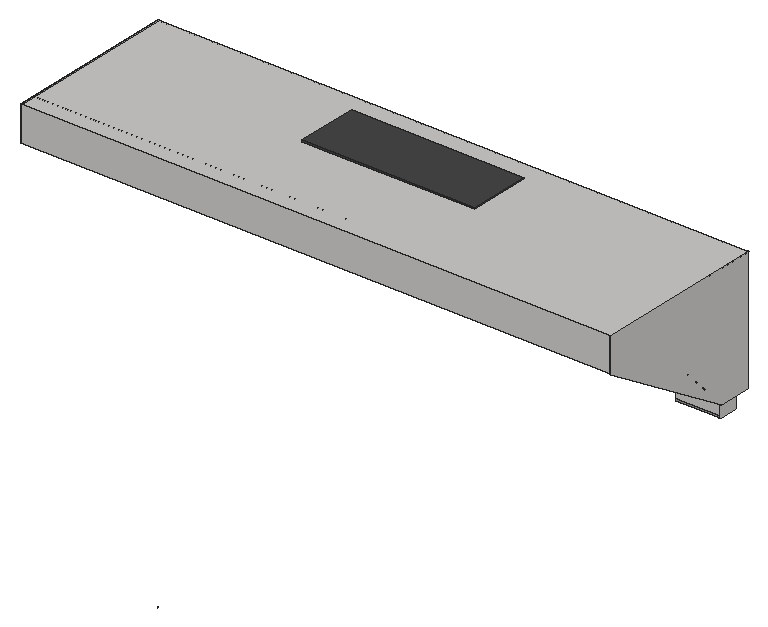
Revit family "QF_ELECTROLUXPROFESSIONAL_642273_MP724BT", category Specialty Equipment, Revit 2014
Reference planes
  plane 1: z = 0
  plane 2 "Center (Left/Right)": x = 150
  plane 3 "LEFT": x = -1050
  plane 4 "RIGHT": x = 1350
  plane 5 "BACK": y = 550
  plane 6 "Plane": z = 2000
  plane 7 "TOP": z = 2140
  plane 8 "Base": z = 1640
  plane 9: z = 1566
  plane 10 "DrainY": y = 485
  plane 11: x = -1047
  plane 12: through (0, 414.509, 1640.8) normal (0, 0.7314, 0.682)
  plane 13: y = 470
  plane 14: y = 220
  plane 15 "DrainX": x = 1230
  plane 16: x = 500
  plane 17: x = -200
  plane 18: x = 1347
  plane 19: x = 1140
  plane 20: x = 1320
  plane 21: x = -1010
  plane 22: x = -645
  plane 23: x = -450
  plane 24: x = 1310
  plane 25: x = 945
  plane 26: x = 750
  plane 27: x = -47.5
  plane 28: x = 347.5
  plane 29 "Center (Front/Back)": y = 200
  plane 30 "Front": y = -150
Forms (mm)
  Extrusion 1, solid, material "QF_Finishes_Stainless Steel"
    sketch origin (-1050, 0, 0) x (0, 1, 0) y (0, 0, 1)
      loop
        line (550, 1640) -> (550, 2140) -> (-150, 2140) -> (-150, 1999.112) -> (413.973, 1640) -> (550, 1640)
    from 0 to 3
  Extrusion 2, solid, material "QF_Finishes_Stainless Steel"
    sketch origin (150, 0, 0) x (0, 1, 0) y (0, 0, 1)
      loop
        line (415.255, 1640) -> (550, 1640) -> (550, 2139.19) -> (549.2, 2139.19) -> (549.2, 1640.8) -> (415.876, 1640.8) -> (339.347, 1722.867) -> (349.609, 1732.436) -> (348.927, 1733.167) -> (337.934, 1722.917) -> (415.255, 1640)
      loop
        line (-82.203, 2139.19) -> (-82.203, 2118.6) -> (-31.047, 2118.6) -> (34.354, 2048.466) -> (46.028, 2059.352) -> (45.346, 2060.083) -> (34.403, 2049.879) -> (-30.612, 2119.6) -> (-81.203, 2119.6) -> (-81.203, 2139.19) -> (-82.203, 2139.19)
    from -1197 to 1197
  Extrusion 3, solid, material "QF_Finishes_Stainless Steel"
    sketch origin (1350, 0, 0) x (0, 1, 0) y (0, 0, 1)
      loop
        line (550, 1640) -> (550, 2140) -> (-150, 2140) -> (-150, 1999.112) -> (413.973, 1640) -> (550, 1640)
    from 0 to -3
  Extrusion 4, solid, material "QF_Finishes_Stainless Steel"
    sketch origin (150, 0, 0) x (0, 1, 0) y (0, 0, 1)
      loop
        line (-150, 2140) -> (-150, 2000) -> (-149.2, 2000) -> (-149.2, 2139.19) -> (550, 2139.19) -> (550, 2140) -> (-150, 2140)
    from -1200 to 1200
  Extrusion 5, solid, material "QF_Finishes_Stainless Steel"
    sketch origin (150, 0, 0) x (0, 1, 0) y (0, 0, 1)
      loop
        line (534, 1640) -> (436, 1640) -> (436, 1627) -> (443.5, 1627) -> (443.5, 1576)
        arc (443.5, 1576) -> (446.429, 1568.929) -> (453.5, 1566) r 10
        line (453.5, 1566) -> (516.5, 1566)
        arc (516.5, 1566) -> (523.571, 1568.929) -> (526.5, 1576) r 10
        line (526.5, 1576) -> (526.5, 1627) -> (534, 1627) -> (534, 1640)
    from 990 to 1170
  Extrusion 6, solid, material "QF_Finishes_Stainless Steel"
    sketch origin (0, 0, 1640) x (0, 1, 0) y (-1, 0, 0)
      loop
        circle (485, -1230) r 20
    from -76 to -74
  Extrusion 7, solid, material "QF_Finished_Chrome"
    sketch origin (150, 0, 0) x (0, 1, 0) y (0, 0, 1)
      loop
        line (337.934, 1722.917) -> (341.591, 1726.327) -> (38.011, 2051.876) -> (34.354, 2048.466) -> (337.934, 1722.917)
    from -795 to -1160
  Extrusion 8, solid, material "QF_Finished_Chrome"
    sketch origin (150, 0, 0) x (0, 1, 0) y (0, 0, 1)
      loop
        line (337.934, 1722.917) -> (341.591, 1726.327) -> (38.011, 2051.876) -> (34.354, 2048.466) -> (337.934, 1722.917)
    from -197.5 to -600
  Extrusion 9, solid, material "QF_Finishes_Stainless Steel"
    sketch origin (150, 0, 0) x (0, 1, 0) y (0, 0, 1)
      loop
        line (337.934, 1722.917) -> (341.591, 1726.327) -> (38.011, 2051.876) -> (34.354, 2048.466) -> (337.934, 1722.917)
    from 1197 to 1160
  Extrusion 10, solid, material "QF_Finishes_Stainless Steel"
    sketch origin (150, 0, 0) x (0, 1, 0) y (0, 0, 1)
      loop
        line (341.588, 1726.324) -> (38.009, 2051.874) -> (34.354, 2048.466) -> (337.934, 1722.917) -> (341.588, 1726.324)
    from -795 to -600
  Extrusion 11, solid, material "QF_Finished_Chrome"
    sketch origin (150, 0, 0) x (0, 1, 0) y (0, 0, 1)
      loop
        line (341.588, 1726.324) -> (38.009, 2051.874) -> (34.354, 2048.466) -> (337.934, 1722.917) -> (341.588, 1726.324)
    from 795 to 1160
  Extrusion 12, solid, material "QF_Finishes_Black"
    sketch origin (0, 0, 2140) x (0, 1, 0) y (-1, 0, 0)
      loop
        line (470, 200) -> (220, 200) -> (220, -500) -> (470, -500) -> (470, 200)
    from 5 to 0
  Extrusion 13, solid, material "QF_Finishes_Stainless Steel"
    sketch origin (0, 0, 0) x (1, 0, 0) y (0, 1, 0)
      loop
        line (-1050, 550) -> (-1050, 549) -> (-1049, 549) -> (-1049, 550) -> (-1050, 550)
    from 0 to 1
  Extrusion 14, solid, material "QF_Finishes_Stainless Steel"
    sketch origin (150, 0, 0) x (0, 1, 0) y (0, 0, 1)
      loop
        line (337.934, 1722.917) -> (341.591, 1726.327) -> (38.011, 2051.876) -> (34.354, 2048.466) -> (337.934, 1722.917)
    from -1160 to -1197
  Extrusion 15, solid, material "QF_Finishes_Stainless Steel"
    sketch origin (150, 0, 0) x (0, 1, 0) y (0, 0, -1)
      loop
        line (341.588, -1726.324) -> (337.934, -1722.917) -> (34.354, -2048.466) -> (38.009, -2051.874) -> (341.588, -1726.324)
    from -795 to -600
  Extrusion 16, solid, material "QF_Finished_Chrome"
    sketch origin (150, 0, 0) x (0, 1, 0) y (0, 0, 1)
      loop
        line (337.934, 1722.917) -> (341.591, 1726.327) -> (38.011, 2051.876) -> (34.354, 2048.466) -> (337.934, 1722.917)
    from 600 to 197.5
  Extrusion 17, solid, material "QF_Finishes_Stainless Steel"
    sketch origin (150, 0, 0) x (0, 1, 0) y (0, 0, -1)
      loop
        line (341.588, -1726.324) -> (337.934, -1722.917) -> (34.354, -2048.466) -> (38.009, -2051.874) -> (341.588, -1726.324)
    from -197.5 to 197.5
Cuts and joins
  joined: Extrusion 2, Extrusion 4
Lines and regions (mm)
  reference lines
    curve 1: line (150, 34.354, 2048.466) -> (150, 34.354, 1888.466)
  symbolic lines, style "SpecialityEquipment", detail levels coarse
    curve 2: line (1350, 550, 2140) -> (-1050, 550, 2140)
    curve 3: line (-1050, 550, 2140) -> (-1050, -150, 2140)
    curve 4: line (1350, -150, 2140) -> (1350, 550, 2140)
    curve 5: line (-1050, -150, 2140) -> (1350, -150, 2140)
    curve 6: line (-200, 220, 2140) -> (500, 220, 2140)
    curve 7: line (-200, 470, 2140) -> (-200, 220, 2140)
    curve 8: line (500, 470, 2140) -> (-200, 470, 2140)
    curve 9: line (500, 220, 2140) -> (500, 470, 2140)
  symbolic lines, detail levels coarse
    curve 10: line (-1050, -150, 0) -> (1350, 550, 0)
    curve 11: line (1350, -150, 0) -> (-1050, 550, 0)
Dimensions and locks
  plane 3 "LEFT" to plane 4 "RIGHT" = 2400 mm
  equal spacing: plane 3 "LEFT", plane 2 "Center (Left/Right)", plane 4 "RIGHT"
  locked: plane 6 "Plane" to level at 2000
  plane 7 "TOP" to plane 6 "Plane" = 140 mm
  locked: plane 7 "TOP" to plane 8 "Base" at 500
  plane 8 "Base" to plane 9 = 74 mm
  plane 5 "BACK" to plane 10 "DrainY" = 65 mm  (x2)
  plane 3 "LEFT" to plane 11 = 3 mm
  plane 5 "BACK" to plane 13 = 80 mm
  plane 13 to plane 14 = 250 mm  (x2)
  plane 15 "DrainX" to plane 4 "RIGHT" = 120 mm
  plane 18 to plane 4 "RIGHT" = 3 mm
  locked: plane 19 to plane 15 "DrainX" at 90
  locked: plane 15 "DrainX" to plane 20 at 90
  plane 13 to plane 5 "BACK" = 80 mm
  locked: plane 3 "LEFT" to plane 21 at 40
  locked: plane 21 to plane 22 at 365
  locked: plane 22 to plane 23 at 195
  locked: plane 24 to plane 25 at 365
  locked: plane 25 to plane 26 at 195
  locked: plane 24 to plane 4 "RIGHT" at 40
  locked: plane 27 to plane 28 at 395
  equal spacing: plane 27, plane 2 "Center (Left/Right)", plane 28
  locked: plane 17 to plane 16 at 700
  equal spacing: plane 17, plane 2 "Center (Left/Right)", plane 16
  plane 23 to plane 27 = 402.5 mm
  plane 28 to plane 26 = 402.5 mm
  locked: plane 5 "BACK" to plane 30 "Front" at 700
  equal spacing: plane 5 "BACK", plane 29 "Center (Front/Back)", plane 30 "Front"
  plane 5 "BACK" to plane 30 "Front" = 700 mm
  aligned and locked: level to plane 1
  aligned and locked: Extrusion 2 to Extrusion 1
  aligned and locked: Extrusion 2 to Extrusion 3
  aligned and locked: plane 4 "RIGHT" to Extrusion 4
  aligned and locked: Extrusion 4 to plane 3 "LEFT"
  aligned and locked: plane 18 to Extrusion 9
  aligned and locked: plane 17 to Extrusion 12
  aligned and locked: Extrusion 12 to plane 16
  aligned and locked: Extrusion 12 to plane 14
  aligned and locked: Extrusion 12 to plane 13
  aligned and locked: Extrusion 2 to Extrusion 4
  aligned and locked: plane 20 to Extrusion 5
  aligned and locked: Extrusion 5 to plane 19
  aligned and locked: Extrusion 9 to plane 24
  aligned and locked: Extrusion 11 to plane 24
  aligned and locked: Extrusion 11 to plane 25
  aligned and locked: Extrusion 8 to plane 23
  aligned and locked: plane 23 to Extrusion 10
  aligned and locked: Extrusion 10 to plane 22
  aligned and locked: plane 22 to Extrusion 7
  aligned and locked: Extrusion 7 to plane 21
  aligned and locked: Extrusion 14 to plane 11
  aligned and locked: plane 21 to Extrusion 14
  aligned and locked: Extrusion 15 to plane 26
  aligned and locked: Extrusion 15 to plane 25
  aligned and locked: Extrusion 3 to plane 18
  aligned and locked: plane 27 to Extrusion 8
  aligned and locked: Extrusion 16 to plane 26
  aligned and locked: Extrusion 16 to plane 28
  aligned and locked: plane 28 to Extrusion 17
  aligned and locked: Extrusion 17 to plane 27
Automatic sketch dimensions
  curve 5 to plane 3 "LEFT" = 0 mm
  curve 9 to plane 14 = 0 mm
  plane 13 to curve 8 = 0 mm
  curve 3 to plane 5 "BACK" = 0 mm
  curve 5 to plane 4 "RIGHT" = 0 mm
  curve 6 to plane 16 = 0 mm
  curve 6 to plane 17 = 0 mm
  Extrusion 2 sketch curve to plane 12 = 0 mm  (x3)
  Extrusion 2 sketch curve to plane 8 "Base" = 0 mm
  plane 12 to Extrusion 2 sketch curve = 0 mm
  Extrusion 2 sketch curve to plane 5 "BACK" = 0 mm
  Extrusion 2 sketch curve to Extrusion 2 sketch curve = 65.646 mm
  Extrusion 2 sketch curve to Extrusion 2 sketch curve = 0.682 mm  (x2)
  Extrusion 2 sketch curve to Extrusion 2 sketch curve = 10.261 mm
  plane 8 "Base" to Extrusion 2 sketch curve = 82.917 mm
  Extrusion 2 sketch curve to Extrusion 2 sketch curve = 10.942 mm
  Extrusion 2 sketch curve to Extrusion 2 sketch curve = 0.049 mm
  Extrusion 2 sketch curve to plane 7 "TOP" = 20.4 mm
  Extrusion 2 sketch curve to plane 7 "TOP" = 21.4 mm
  Extrusion 2 sketch curve to plane 7 "TOP" = 0.81 mm  (x2)
  Extrusion 2 sketch curve to Extrusion 2 sketch curve = 50.156 mm
  Extrusion 2 sketch curve to Extrusion 2 sketch curve = 1 mm
  plane 8 "Base" to Extrusion 2 sketch curve = 0.8 mm
  Extrusion 2 sketch curve to plane 5 "BACK" = 0.8 mm
  Extrusion 4 sketch curve to plane 6 "Plane" = 0 mm
  Extrusion 4 sketch curve to plane 5 "BACK" = 0 mm
  Extrusion 4 sketch curve to plane 7 "TOP" = 0 mm
  Extrusion 4 sketch curve to plane 7 "TOP" = 0.81 mm
  curve 1 to plane 12 = 0 mm
  curve 1 to plane 6 "Plane" = 111.534 mm
  Extrusion 5 sketch curve to plane 8 "Base" = 0 mm
  Extrusion 5 sketch curve to plane 9 = 0 mm
  Extrusion 5 sketch curve to plane 8 "Base" = 13 mm  (x2)
  plane 13 to Extrusion 5 sketch curve = 34 mm
  Extrusion 5 sketch curve to Extrusion 5 sketch curve = 7.5 mm  (x2)
  Extrusion 5 sketch curve to Extrusion 5 sketch curve = 10 mm
  plane 10 "DrainY" to Extrusion 5 sketch curve = 31.5 mm
  Extrusion 5 sketch curve to plane 5 "BACK" = 23.5 mm
  Extrusion 6 sketch curve to plane 10 "DrainY" = 0 mm
  Extrusion 6 sketch curve to plane 15 "DrainX" = 0 mm
  Extrusion 7 sketch curve to plane 12 = 0 mm  (x2)
  Extrusion 7 sketch curve to Extrusion 7 sketch curve = 3.657 mm
  plane 8 "Base" to Extrusion 7 sketch curve = 82.917 mm
  Extrusion 8 sketch curve to plane 12 = 0 mm  (x2)
  Extrusion 8 sketch curve to Extrusion 8 sketch curve = 3.657 mm
  plane 8 "Base" to Extrusion 8 sketch curve = 82.917 mm
  Extrusion 9 sketch curve to plane 12 = 0 mm  (x2)
  Extrusion 9 sketch curve to Extrusion 9 sketch curve = 3.657 mm
  plane 8 "Base" to Extrusion 9 sketch curve = 82.917 mm
  Extrusion 10 sketch curve to plane 12 = 0 mm  (x2)
  Extrusion 10 sketch curve to Extrusion 10 sketch curve = 3.655 mm
  plane 8 "Base" to Extrusion 10 sketch curve = 82.917 mm
  Extrusion 11 sketch curve to plane 12 = 0 mm  (x2)
  Extrusion 11 sketch curve to Extrusion 11 sketch curve = 3.655 mm
  plane 8 "Base" to Extrusion 11 sketch curve = 82.917 mm
  Extrusion 12 sketch curve to plane 14 = 0 mm
  plane 13 to Extrusion 12 sketch curve = 0 mm
  Extrusion 12 sketch curve to plane 16 = 0 mm
  Extrusion 12 sketch curve to plane 17 = 0 mm
  Extrusion 13 sketch curve to plane 3 "LEFT" = 0 mm
  Extrusion 13 sketch curve to plane 5 "BACK" = 0 mm
  plane 3 "LEFT" to Extrusion 13 sketch curve = 1 mm
  Extrusion 13 sketch curve to Extrusion 13 sketch curve = 1 mm
  Extrusion 14 sketch curve to plane 12 = 0 mm  (x2)
  Extrusion 14 sketch curve to Extrusion 14 sketch curve = 3.657 mm
  plane 8 "Base" to Extrusion 14 sketch curve = 82.917 mm
  Extrusion 15 sketch curve to plane 12 = 0 mm  (x2)
  Extrusion 15 sketch curve to Extrusion 15 sketch curve = 3.655 mm
  plane 8 "Base" to Extrusion 15 sketch curve = 82.917 mm
  Extrusion 16 sketch curve to plane 12 = 0 mm  (x2)
  Extrusion 16 sketch curve to Extrusion 16 sketch curve = 3.657 mm
  plane 8 "Base" to Extrusion 16 sketch curve = 82.917 mm
  Extrusion 17 sketch curve to plane 12 = 0 mm  (x2)
  Extrusion 17 sketch curve to Extrusion 17 sketch curve = 3.655 mm
  plane 8 "Base" to Extrusion 17 sketch curve = 82.917 mm
  Extrusion 4 sketch curve to Extrusion 4 sketch curve = 0.8 mm
  curve 5 to plane 14 = 370 mm
  plane 6 "Plane" to Extrusion 2 sketch curve = 48.466 mm
  Extrusion 4 sketch curve to plane 14 = 369.2 mm
  curve 1 to plane 14 = 185.646 mm
  plane 6 "Plane" to Extrusion 7 sketch curve = 51.876 mm
  plane 6 "Plane" to Extrusion 8 sketch curve = 51.876 mm
  plane 6 "Plane" to Extrusion 9 sketch curve = 51.876 mm
  plane 6 "Plane" to Extrusion 10 sketch curve = 51.874 mm
  plane 6 "Plane" to Extrusion 11 sketch curve = 51.874 mm
  plane 6 "Plane" to Extrusion 14 sketch curve = 51.876 mm
  plane 6 "Plane" to Extrusion 15 sketch curve = 51.874 mm
  plane 6 "Plane" to Extrusion 16 sketch curve = 51.876 mm
  plane 6 "Plane" to Extrusion 17 sketch curve = 51.874 mm
  Extrusion 1 sketch curve to plane 5 "BACK" = 0 mm
  Extrusion 1 sketch curve to plane 7 "TOP" = 0 mm
  plane 13 to Extrusion 1 sketch curve = 56.027 mm
  Extrusion 3 sketch curve to plane 30 "Front" = 0 mm
  Extrusion 3 sketch curve to plane 8 "Base" = 0 mm
  Extrusion 3 sketch curve to plane 5 "BACK" = 0 mm
  Extrusion 3 sketch curve to plane 7 "TOP" = 0 mm
  plane 13 to Extrusion 3 sketch curve = 56.027 mm
  Extrusion 3 sketch curve to plane 6 "Plane" = 0.888 mm
  Extrusion 1 sketch curve to plane 30 "Front" = 0 mm
  Extrusion 1 sketch curve to plane 8 "Base" = 0 mm
  Extrusion 1 sketch curve to plane 6 "Plane" = 0.888 mm
  curve 11 to plane 3 "LEFT" = 0 mm
  curve 10 to plane 3 "LEFT" = 0 mm
  curve 11 to plane 4 "RIGHT" = 0 mm
  curve 10 to plane 4 "RIGHT" = 0 mm
  curve 11 to plane 30 "Front" = 0 mm
  curve 10 to plane 30 "Front" = 0 mm
  curve 11 to plane 5 "BACK" = 0 mm
  curve 10 to plane 5 "BACK" = 0 mm
  radius of Extrusion 6 sketch curve = 20 mm
Connectors
  piping at (1230, 485, 1564), diameter 20
    settings: on Extrusion 6, index 1, connector inside diameter 609.6 mm, connector length 0 mm, flow factor 0, pipe flow 0.0 L/s, pressure drop 0.0 Pa, fitting loss kfactor 0, connector angle 0.00°, fixture units 0, engagement length 0 mm, angle of deflection 0.00°, flow configuration 1, flow direction 2, fitting loss method 0, system type 16, joint type 0, gender type 0, connector reference index -1, connector utility 0, adjustable connector no, is connector primary yes, connector description "Drain"
  hvac at (150, 345, 2145)
    settings: on Extrusion 12, index 2, duct flow 0.0 L/s, flow factor 0, pres drop 0.0 Pa, loss coef 0, conn angle 0.00°, conn width 250 mm, conn height 700 mm, conn diameter 609.6 mm, duct sys type 3, conn prof type 1, flow config 1, flow direction 0, loss method 0, conn ref index -1, conn util no, is conn primary yes, conn desc "EXHAUST OUTLET"
